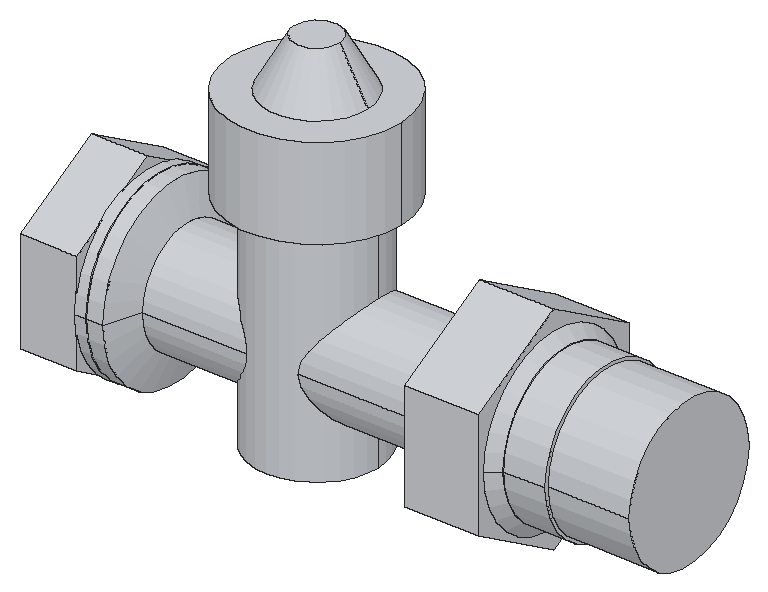
Revit family "Vario-DP_přímý_DN020_RFA_2018", category Pipe Accessories, Revit 2018
Family settings
  Round Connector Dimension = Use Diameter
  Part Type = Valve - Breaks Into
  Work Plane-Based = No
  Always vertical = Yes
  Cut with Voids When Loaded = No
  Shared = No
Parameters (values of type "Vario-DP přímý DN20")
  magiProductId = "65e4e24176f04ec8add0c08a0806a3"
  magiProductFamilyId = "9a3b6d3dc30f4d82b1fd8b50564aa5"
  magiPartTypeId = 303
  ang2D [instance] = 0.00°
  Z1 = 7 mm
  W2D = 20 mm
  VersionID = "2.0/2021.2.17.1/FRESE_RADCON_RAD_LO_SHI_S_201"
  VIS0 = no
  Use Minimum Symbol Size [instance] = no
  URL = "www.hydronix.cz"
  Type Comments = "Termostatický radiátorový ventil s integrovaným omezovačem průtoku; přímý; závitový, PN10; +0~+90°C; pracovní dp 15-70kPa; max. síla pohonu 120N; připojení hlavice: M30x1,5"
  TL__ve = -TL  # -14.5 mm
  TL = 14.5 mm
  SW_2 = no
  SW_1 = yes
  SW2_LLDONLY = and(SW2, LLDONLY)  # no
  SW2_LLDAndHLD = and(SW2, LLDAndHLD)  # no
  SW2_ENBL350 = and(SW2, ENBL350)  # no
  SW22 = no
  SW2 = no
  SW1_LLDONLY = and(SW1, LLDONLY)  # yes
  SW1_ENBL350 = and(SW1, ENBL350)  # no
  SW11 = no
  SW1 = yes
  SW = yes
  RT_1 = 16.2 mm
  RT_01 = 7.5 mm
  RT_0 = 9 mm
  RTX = 6.2 mm
  RT4 = 13.7 mm
  RT22 = 19.2 mm
  RT2 = 11 mm
  RT1 = 18.2 mm
  RT0X = 8.5 mm
  RT02 = 15.7 mm
  RT01 = 9 mm
  RT00 = 6 mm
  RT0 = 10 mm
  RT = 13.2 mm
  RR = 5 mm
  QmdConnectorList = "301;D;302;D"
  Productdata [instance] = ""
  Manufacturer = "Hydronix"
  MC Use Limits From Balancing Method = no
  MC Throttling Minimum Value = 0
  MC Throttling Maximum Value = 0
  MC Product Code = "VARIO-DP; přímý DN20; (obj.č.: 161030100); dpmin=15kPa; dpmax: 70kPa;; rozsah nastavení 20-340l/h"
  MC Pressure Drop Minimum Value = 0.0 Pa
  MC Pressure Drop Maximum Value = 0.0 Pa
  MC Enable LOD 350 = no
  MC Enable LOD 200 = no
  L_2 = 45.75 mm
  L_ = 91.5 mm
  LT = 106 mm
  LP = 9.15 mm
  LLDONLY = not(BBVIS)  # yes
  LLDAndHLD = and(or(LLDONLY, MC Enable LOD 350), not(BBVIS))  # yes
  L2D_Min = 30.48 mm
  L2D = 91.5 mm
  L22__ve = -L22  # -13 mm
  L22 = 13 mm
  L2 = 10 mm
  L1__ve = -L1  # -7.5 mm
  L1 = 7.5 mm
  L = 91.5 mm
  HS = 16.25 mm
  H = 23 mm
  ENBL350 = and(MC Enable LOD 350, not(BBVIS))  # no
  Description = "Termostatický radiátorový ventil s omezovačem max. průtoku; DN20; rozsah nastavení omezovače max. průtok: 20-340l/h"
  DT = 26.4 mm
  DS3 = 4 mm
  DS2 = 9 mm
  DS1 = 15 mm
  D = 20 mm
  CenSd_RT22_6 = RT22 * cos(30.00°)  # 16.628 mm
  CenSd_RT1_6 = RT1 * cos(30.00°)  # 15.762 mm
  CenSd_RT0X_6 = RT0X * cos(30.00°)  # 7.361 mm
  CAT0 = yes
  CAT = no
  C = 40 mm
  BZ = 48 mm
  BY = 19.2 mm
  BBVIS = MC Enable LOD 200  # no
Types (3, lengths in mm): name | magiProductId | Z1 | W2D | TL__ve | TL | RT_1 | RTX | RT4 | RT22 | RT1 | RT02 | RT | MC Product Code | L_2 | L_ | LT | LP | L2D | L | Description | DT | D | CenSd_RT22_6 | CenSd_RT1_6 | C | BY
  Vario-DP přímý DN10 | "cff3df26e6cf48da84c7a4aeae022f" | 4 | 10 | -10.1 | 10.1 | 11.35 | 1.35 | 8.85 | 14.35 | 13.35 | 12.35 | 8.35 | "VARIO-DP; přímý DN10; (obj.č.: 161010100); dpmin=15kPa; dpmax: 70kPa;; rozsah nastavení 20-340l/h" | 37.5 | 75 | 85 | 7.5 | 75 | 75 | "Termostatický radiátorový ventil s omezovačem max. průtoku; DN10; rozsah nastavení omezovače max. průtok: 20-340l/h" | 16.7 | 10 | 12.427 | 11.561 | 32 | 16
  Vario-DP přímý DN20 | "65e4e24176f04ec8add0c08a0806a3" | 7 | 20 | -14.5 | 14.5 | 16.2 | 6.2 | 13.7 | 19.2 | 18.2 | 15.7 | 13.2 | "VARIO-DP; přímý DN20; (obj.č.: 161030100); dpmin=15kPa; dpmax: 70kPa;; rozsah nastavení 20-340l/h" | 45.75 | 91.5 | 106 | 9.15 | 91.5 | 91.5 | "Termostatický radiátorový ventil s omezovačem max. průtoku; DN20; rozsah nastavení omezovače max. průtok: 20-340l/h" | 26.4 | 20 | 16.628 | 15.762 | 40 | 19.2
  Vario-DP přímý DN15 | "86c7649ae082497d8c558b15a6d69e" | 5 | 15 | -13.2 | 13.2 | 13.5 | 3.5 | 11 | 16.5 | 15.5 | 14.5 | 10.5 | "VARIO-DP; přímý DN15; (obj.č.: 161020100); dpmin=15kPa; dpmax: 70kPa;; rozsah nastavení 20-340l/h" | 40.9 | 81.8 | 95 | 8.18 | 81.8 | 81.8 | "Termostatický radiátorový ventil s omezovačem max. průtoku; DN15; rozsah nastavení omezovače max. průtok: 20-340l/h" | 21 | 15 | 14.289 | 13.423 | 36 | 16
Reference planes
  plane 1 "Center (Front/Back)": y = 0
  plane 2 "XYPLANE": z = 0
  plane 3 "Center (Left/Right)": x = 0
  plane 4 "196": z = -17
  plane 5 "195": z = -10
  plane 6 "194": x = -16.75
  plane 7 "193": x = -10.75
  plane 8 "186": x = -33.75
  plane 9 "179": y = 16.2
  plane 10 "178": y = 10
  plane 11 "177": x = -28.75
  plane 12 "176": x = -30.75
  plane 13 "175": x = -35.75
  plane 14 "173": x = 0
  plane 15 "172": x = -45.75
  plane 16 "170": z = 18
  plane 17 "152": z = 48
  plane 18 "139": z = 2
  plane 19 "129": z = 13
  plane 20 "116": z = 39.25
  plane 21 "73": y = -19.2
  plane 22 "72": y = 19.2
  plane 23 "68": z = 48
  plane 24 "54": z = 20
  plane 25 "41": z = 23
  plane 26 "36": x = 45.75
  plane 27 "34": x = 21.25
  plane 28 "33": x = 23.25
  plane 29 "24": x = 36.25
  plane 30 "23": x = 38.25
  plane 31 "9": x = 45.75
  plane 32 "8": x = 60.25
  plane 33 "7": z = -19.2
  plane 34 "3": y = 0
  plane 35 "2": x = -5.75
  plane 36 "1": z = 0
Forms (mm)
  Blend 1, solid, visible <- "LLDAndHLD"
    base sketch origin (-28.75, -750, 0) x (0, 1, 0) y (0, 0, 1)
      loop
        circle (750, 0) r 10
    top sketch origin (-28.75, -750, 0) x (0, 1, 0) y (0, 0, 1)
      loop
        circle (750, 0) r 10
    from 0 to 50
  Extrusion 2, solid, visible <- "ENBL350"
    sketch origin (-750, 0, -17) x (1, 0, 0) y (0, 1, 0)
      loop
        circle (744.25, 0) r 5
    from 0 to 7 <- "Z1"
  Revolve 3, solid, visible <- "ENBL350"
    sketch origin (-10.5, 0, 0) x (0, 0, 1) y (1, 0, 0)
      loop
        line (0, -0.25) -> (-17, -0.25)
        arc (-17, -0.25) -> (-10.164, -7.965) -> (0, -6.25) r 10.625
        line (0, -6.25) -> (0, -0.25)
      axis (-17, 4.75) -> (0, 4.75)
    angle from 0 to -360
  Blend 4, solid, visible <- "LLDAndHLD"
    base sketch origin (-35.75, -750, 0) x (0, 1, 0) y (0, 0, 1)
      loop
        circle (750, 0) r 16.2
    top sketch origin (-35.75, -750, 0) x (0, 1, 0) y (0, 0, 1)
      loop
        circle (750, 0) r 16.2
    from 0 to 2
  Blend 5, solid, visible <- "SW2_ENBL350"
    base sketch origin (-750, 0, 20) x (1, 0, 0) y (0, 1, 0)
      loop
        circle (744.25, 0) r 7.5
    top sketch origin (-750, 0, 20) x (1, 0, 0) y (0, 1, 0)
      loop
        circle (744.25, 0) r 10
    from 0 to -2
  Blend 6, solid, visible <- "SW1_ENBL350"
    base sketch origin (-750, 0, 23) x (1, 0, 0) y (0, 1, 0)
      loop
        circle (744.25, 0) r 11
    top sketch origin (-750, 0, 23) x (1, 0, 0) y (0, 1, 0)
      loop
        circle (744.25, 0) r 11
    from 0 to -23
  Revolve 7, solid, visible <- "LLDAndHLD"
    sketch origin (-25.5, 10, 0) x (1, 0, 0) y (0, 1, 0)
      loop
        line (-8.25, 0) -> (-3.25, 0) -> (-5.25, 6.2) -> (-8.25, 6.2) -> (-8.25, 0)
      axis (-3.25, -10) -> (-8.25, -10)
    angle from 0 to -360
  Blend 8, solid, visible <- "SW2_LLDONLY"
    base sketch origin (-750, 0, -17) x (1, 0, 0) y (0, 1, 0)
      loop
        circle (744.25, 0) r 10
    top sketch origin (-750, 0, -17) x (1, 0, 0) y (0, 1, 0)
      loop
        circle (744.25, 0) r 10
    from 0 to 37
  Blend 9, solid, visible <- "SW2_ENBL350"
    base sketch origin (-750, 0, 13) x (1, 0, 0) y (0, 1, 0)
      loop
        circle (744.25, 0) r 9
    top sketch origin (-750, 0, 13) x (1, 0, 0) y (0, 1, 0)
      loop
        circle (744.25, 0) r 9
    from 0 to -11
  Extrusion 10, solid, visible <- "SW2_ENBL350"
    sketch origin (-750, 0, 18) x (1, 0, 0) y (0, 1, 0)
      loop
        circle (744.25, 0) r 10
    from 0 to -5
  Extrusion 11, solid, visible <- "SW2_LLDAndHLD"
    sketch origin (-750, 0, 23) x (1, 0, 0) y (0, 1, 0)
      loop
        line (752.75, 0) -> (748.5, 7.361) -> (740, 7.361) -> (735.75, 0) -> (740, -7.361) -> (748.5, -7.361) -> (752.75, 0)
    from 0 to -3
  Blend 12, solid, visible <- "SW1_LLDONLY"
    base sketch origin (-750, 0, -17) x (1, 0, 0) y (0, 1, 0)
      loop
        circle (744.25, 0) r 11
    top sketch origin (-750, 0, -17) x (1, 0, 0) y (0, 1, 0)
      loop
        circle (744.25, 0) r 11
    from 0 to 40
  Blend 13, solid, visible <- "SW1_LLDONLY"
    base sketch origin (-750, 0, 48) x (1, 0, 0) y (0, 1, 0)
      loop
        circle (744.25, 0) r 4
    top sketch origin (-750, 0, 48) x (1, 0, 0) y (0, 1, 0)
      loop
        circle (744.25, 0) r 9
    from 0 to -8.75
  Blend 14, solid, visible <- "BBVIS"
    base sketch origin (-750, 0, 48) x (1, 0, 0) y (0, 1, 0)
      loop
        line (704.25, -19.2) -> (810.25, -19.2) -> (810.25, 19.2) -> (704.25, 19.2) -> (704.25, -19.2)
    top sketch origin (-750, 0, 48) x (1, 0, 0) y (0, 1, 0)
      loop
        line (704.25, -19.2) -> (810.25, -19.2) -> (810.25, 19.2) -> (704.25, 19.2) -> (704.25, -19.2)
    from 0 to -67.2
  Extrusion 15, solid, visible <- "SW1_LLDONLY"
    sketch origin (-750, 0, 23) x (1, 0, 0) y (0, 1, 0)
      loop
        circle (744.25, 0) r 15
    from 0 to 16.25 <- "HS"
  Extrusion 16, solid, visible <- "LLDAndHLD"
    sketch origin (60.25, -750, 0) x (0, 1, 0) y (0, 0, 1)
      loop
        circle (750, 0) r 13.2
    from 0 to -14.5 <- "TL__ve"
  Blend 17, solid, visible <- "LLDAndHLD"
    base sketch origin (23.25, -750, 0) x (0, 1, 0) y (0, 0, 1)
      loop
        circle (750, 0) r 15.7
    top sketch origin (23.25, -750, 0) x (0, 1, 0) y (0, 0, 1)
      loop
        circle (750, 0) r 10
    from 0 to -2
  Extrusion 18, solid, visible <- "LLDAndHLD"
    sketch origin (36.25, -750, 0) x (0, 1, 0) y (0, 0, 1)
      loop
        line (750, 19.2) -> (733.372, 9.6) -> (733.372, -9.6) -> (750, -19.2) -> (766.628, -9.6) -> (766.628, 9.6) -> (750, 19.2)
    from 0 to -13 <- "L22__ve"
  Blend 19, solid, visible <- "LLDAndHLD"
    base sketch origin (38.25, -750, 0) x (0, 1, 0) y (0, 0, 1)
      loop
        circle (750, 0) r 13.7
    top sketch origin (38.25, -750, 0) x (0, 1, 0) y (0, 0, 1)
      loop
        circle (750, 0) r 15.7
    from 0 to -2
  Extrusion 20, solid, visible <- "LLDAndHLD"
    sketch origin (45.75, -750, 0) x (0, 1, 0) y (0, 0, 1)
      loop
        circle (750, 0) r 13.7
    from 0 to -7.5 <- "L1__ve"
  Extrusion 21, solid, visible <- "LLDAndHLD"
    sketch origin (-45.75, -750, 0) x (0, 1, 0) y (0, 0, 1)
      loop
        line (750, -18.2) -> (765.762, -9.1) -> (765.762, 9.1) -> (750, 18.2) -> (734.238, 9.1) -> (734.238, -9.1) -> (750, -18.2)
    from 0 to 10 <- "L2"
  Extrusion 22, solid, not visible
    sketch origin (-45.75, -750, 0) x (0, 1, 0) y (0, 0, 1)
      loop
        circle (750, 0) r 10
    from 0 to 10
  Extrusion 23, solid, not visible
    sketch origin (45.75, -750, 0) x (0, 1, 0) y (0, 0, 1)
      loop
        circle (750, 0) r 10
    from 0 to -10
Lines and regions (mm)
  reference lines, not visible
    curve 1: circle (2, 2, 0) r 1 normal (0, 0, 1)
  reference lines
    curve 2: line (-16.75, 0, 0) -> (-10.75, 0, -17)
    curve 3: line (-5.75, 0, 23) -> (-7.875, 3.681, 23)
    curve 4: line (-5.75, 0, 23) -> (-10, 0, 23)
    curve 5: line (-5.75, 0, 23) -> (-7.875, -3.681, 23)
    curve 6: line (36.25, 0, 0) -> (36.25, 6.214, -3.588)
    curve 7: line (36.25, 0, 0) -> (36.25, 0, -7.175)
    curve 8: line (36.25, 0, 0) -> (36.25, -6.214, -3.588)
    curve 9: line (-45.75, 0, 0) -> (-45.75, 5.781, 3.338)
    curve 10: line (-45.75, 0, 0) -> (-45.75, 0, 6.675)
    curve 11: line (-45.75, 0, 0) -> (-45.75, -5.781, 3.338)
Dimensions and locks
  plane 1 "Center (Front/Back)" to curve 1 = 2 mm
  "Z1": plane 5 "195" to plane 4 "196"
  "RT0": plane 36 "1" to plane 5 "195"
  "RT00": plane 7 "193" to plane 6 "194"
  locked: plane 35 "2" to plane 7 "193" at 5
  locked: plane 13 "175" to plane 8 "186" at 2
  "RTX": plane 10 "178" to plane 9 "179"
  "RT0": plane 34 "3" to plane 10 "178"
  locked: plane 12 "176" to plane 11 "177" at 2
  locked: plane 8 "186" to plane 12 "176" at 3
  "L2": plane 15 "172" to plane 13 "175"
  locked: plane 3 "Center (Left/Right)" to plane 14 "173"
  "L_2": plane 14 "173" to plane 15 "172"
  locked: plane 24 "54" to plane 16 "170" at 2
  "BZ": plane 36 "1" to plane 17 "152"
  locked: plane 36 "1" to plane 18 "139" at 2
  locked: plane 16 "170" to plane 19 "129" at 5
  locked: plane 23 "68" to plane 20 "116" at 8.75
  "BY": plane 34 "3" to plane 21 "73"
  "BY": plane 34 "3" to plane 22 "72"
  locked: plane 25 "41" to plane 23 "68" at 25
  locked: plane 25 "41" to plane 24 "54" at 3
  "H": plane 36 "1" to plane 25 "41"
  "L_": plane 15 "172" to plane 26 "36"
  locked: plane 28 "33" to plane 27 "34" at 2
  "L22": plane 29 "24" to plane 28 "33"
  locked: plane 30 "23" to plane 29 "24" at 2
  "L1": plane 31 "9" to plane 30 "23"
  "TL": plane 32 "8" to plane 31 "9"
  "LT": plane 15 "172" to plane 32 "8"
  "RT22": plane 36 "1" to plane 33 "7"
  locked: plane 1 "Center (Front/Back)" to plane 34 "3"
  "C": plane 15 "172" to plane 35 "2"
  locked: plane 2 "XYPLANE" to plane 36 "1"
  "RR": curve 2 to Revolve 3 sketch curve
  Revolve 3 sketch curve to Revolve 3 sketch curve = 0 mm  (x6)
  Revolve 7 sketch curve to Revolve 7 sketch curve = 0 mm  (x8)
  "CenSd_RT0X_6": curve 3 to Extrusion 11 sketch curve  (x2)
  "CenSd_RT0X_6": curve 4 to Extrusion 11 sketch curve  (x2)
  "CenSd_RT0X_6": curve 5 to Extrusion 11 sketch curve  (x2)
  Extrusion 11 sketch curve to Extrusion 11 sketch curve = 0 mm  (x12)
  Blend 14 sketch curve to Blend 14 sketch curve = 0 mm  (x16)
  "CenSd_RT22_6": curve 6 to Extrusion 18 sketch curve  (x2)
  "CenSd_RT22_6": curve 7 to Extrusion 18 sketch curve  (x2)
  "CenSd_RT22_6": curve 8 to Extrusion 18 sketch curve  (x2)
  Extrusion 18 sketch curve to Extrusion 18 sketch curve = 0 mm  (x12)
  "CenSd_RT1_6": curve 9 to Extrusion 21 sketch curve  (x2)
  "CenSd_RT1_6": curve 10 to Extrusion 21 sketch curve  (x2)
  "CenSd_RT1_6": curve 11 to Extrusion 21 sketch curve  (x2)
  Extrusion 21 sketch curve to Extrusion 21 sketch curve = 0 mm  (x12)
  "RT0": radius of Blend 1 sketch curve  (x2)
  "RR": radius of Extrusion 2 sketch curve
  "RT_1": radius of Blend 4 sketch curve  (x2)
  "RT0": radius of Blend 5 sketch curve
  "RT_01": radius of Blend 5 sketch curve
  "RT2": radius of Blend 6 sketch curve  (x2)
  "RT0": radius of Blend 8 sketch curve  (x2)
  "RT01": radius of Blend 9 sketch curve
  "RT_0": radius of Blend 9 sketch curve
  "RT0": radius of Extrusion 10 sketch curve
  "RT2": radius of Blend 12 sketch curve  (x2)
  "DS2": radius of Blend 13 sketch curve
  "DS3": radius of Blend 13 sketch curve
  "DS1": radius of Extrusion 15 sketch curve
  "RT": radius of Extrusion 16 sketch curve
  "RT0": radius of Blend 17 sketch curve
  "RT02": radius of Blend 17 sketch curve
  "RT02": radius of Blend 19 sketch curve
  "RT4": radius of Blend 19 sketch curve
  "RT4": radius of Extrusion 20 sketch curve
  locked: curve 4 to curve 3 (angle 60.00°)
  locked: curve 5 to curve 4 (angle 60.00°)
  locked: curve 5 to curve 3 (angle 120.00°)
  locked: curve 7 to curve 6 (angle 60.00°)
  locked: curve 8 to curve 7 (angle 60.00°)
  locked: curve 8 to curve 6 (angle 120.00°)
  locked: curve 10 to curve 9 (angle 60.00°)
  locked: curve 11 to curve 10 (angle 60.00°)
  locked: curve 11 to curve 9 (angle 120.00°)
  aligned and locked: level to plane 2 "XYPLANE"
  aligned and locked: Blend 1 sketch curve to plane 34 "3"  (x2)
  aligned and locked: plane 36 "1" to Blend 1 sketch curve  (x2)
  aligned and locked: plane 27 "34" to Blend 1
  aligned and locked: plane 34 "3" to Extrusion 2 sketch curve
  aligned and locked: plane 35 "2" to Extrusion 2 sketch curve
  aligned and locked: plane 36 "1" to Revolve 3 sketch curve  (x2)
  aligned and locked: Revolve 3 sketch curve to plane 7 "193"  (x2)
  aligned and locked: Revolve 3 sketch curve to plane 6 "194"
  aligned and locked: curve 2 to plane 6 "194"
  aligned and locked: plane 36 "1" to curve 2
  aligned and locked: plane 4 "196" to curve 2
  aligned and locked: curve 2 to plane 7 "193"
  aligned and locked: plane 4 "196" to Revolve 3 sketch curve  (x2)
  aligned and locked: Revolve 3 sketch curve to plane 35 "2"
  aligned and locked: Blend 4 sketch curve to plane 34 "3"  (x2)
  aligned and locked: plane 36 "1" to Blend 4 sketch curve  (x2)
  aligned and locked: plane 8 "186" to Blend 4
  aligned and locked: plane 34 "3" to Blend 5 sketch curve  (x2)
  aligned and locked: plane 35 "2" to Blend 5 sketch curve  (x2)
  aligned and locked: Blend 5 to plane 16 "170"
  aligned and locked: plane 34 "3" to Blend 6 sketch curve  (x2)
  aligned and locked: plane 35 "2" to Blend 6 sketch curve  (x2)
  aligned and locked: Blend 6 to plane 36 "1"
  aligned and locked: plane 8 "186" to Revolve 7 sketch curve  (x3)
  aligned and locked: plane 10 "178" to Revolve 7 sketch curve  (x2)
  aligned and locked: plane 9 "179" to Revolve 7 sketch curve  (x2)
  aligned and locked: plane 12 "176" to Revolve 7 sketch curve
  aligned and locked: plane 11 "177" to Revolve 7 sketch curve  (x2)
  aligned and locked: plane 34 "3" to Blend 8 sketch curve  (x2)
  aligned and locked: plane 35 "2" to Blend 8 sketch curve  (x2)
  aligned and locked: plane 24 "54" to Blend 8
  aligned and locked: plane 34 "3" to Blend 9 sketch curve  (x2)
  aligned and locked: plane 35 "2" to Blend 9 sketch curve  (x2)
  aligned and locked: Blend 9 to plane 18 "139"
  aligned and locked: plane 34 "3" to Extrusion 10 sketch curve
  aligned and locked: plane 35 "2" to Extrusion 10 sketch curve
  aligned and locked: plane 34 "3" to curve 5
  aligned and locked: plane 35 "2" to curve 5
  aligned and locked: plane 34 "3" to Blend 12 sketch curve  (x2)
  aligned and locked: plane 35 "2" to Blend 12 sketch curve  (x2)
  aligned and locked: plane 25 "41" to Blend 12
  aligned and locked: plane 34 "3" to Blend 13 sketch curve  (x2)
  aligned and locked: plane 35 "2" to Blend 13 sketch curve  (x2)
  aligned and locked: Blend 13 to plane 20 "116"
  aligned and locked: plane 15 "172" to Blend 14 sketch curve  (x4)
  aligned and locked: plane 21 "73" to Blend 14 sketch curve  (x4)
  aligned and locked: plane 22 "72" to Blend 14 sketch curve  (x4)
  aligned and locked: plane 32 "8" to Blend 14 sketch curve  (x4)
  aligned and locked: Blend 14 to plane 33 "7"
  aligned and locked: plane 34 "3" to Extrusion 15 sketch curve
  aligned and locked: plane 35 "2" to Extrusion 15 sketch curve
  aligned and locked: Extrusion 16 sketch curve to plane 34 "3"
  aligned and locked: plane 36 "1" to Extrusion 16 sketch curve
  aligned and locked: Blend 17 sketch curve to plane 34 "3"  (x2)
  aligned and locked: plane 36 "1" to Blend 17 sketch curve  (x2)
  aligned and locked: Blend 17 to plane 27 "34"
  aligned and locked: curve 8 to plane 34 "3"
  aligned and locked: plane 36 "1" to curve 8
  aligned and locked: Blend 19 sketch curve to plane 34 "3"  (x2)
  aligned and locked: plane 36 "1" to Blend 19 sketch curve  (x2)
  aligned and locked: Blend 19 to plane 29 "24"
  aligned and locked: Extrusion 20 sketch curve to plane 34 "3"
  aligned and locked: plane 36 "1" to Extrusion 20 sketch curve
  aligned and locked: curve 11 to plane 34 "3"
  aligned and locked: plane 36 "1" to curve 11
  aligned and locked: Extrusion 22 sketch curve to plane 34 "3"
  aligned and locked: plane 36 "1" to Extrusion 22 sketch curve
  aligned and locked: Extrusion 23 sketch curve to plane 34 "3"
  aligned and locked: plane 36 "1" to Extrusion 23 sketch curve
  aligned and locked: plane 34 "3" to nested 1
  aligned and locked: plane 35 "2" to nested 1
Automatic sketch dimensions
  plane 1 "Center (Front/Back)" to Revolve 7 sketch curve = 0 mm
  Extrusion 22 sketch curve to plane 10 "178" = 0 mm
  Extrusion 23 sketch curve to plane 10 "178" = 0 mm
  plane 3 "Center (Left/Right)" to curve 1 = 2 mm
  radius of curve 1 = 1 mm
Nested families
  nested 1: "0_2" at (-5.75, 0, 23) x (0, -1, 0) z (0, 0, 1), visible <- "SW1", type "Size1"
    with VIS0 no, ModelLinesVisible no, H33 11.35 mm, H3 11.25 mm, H2 8.75 mm, H1 5 mm, H 25 mm, DX 13 mm, D3 4 mm, D2 9 mm, D1 15 mm, D 16 mm, CAT no
Connectors
  piping at (-45.75, 0, 0), diameter 20, driven by "D"
    settings: on Extrusion 22, index 1, connector inside diameter 609.6 mm, connector length 0 mm, flow factor 0, pipe flow 0.0 L/s, pressure drop 0.0 Pa, fitting loss kfactor 0, connector angle 0.00°, fixture units 0, engagement length 0 mm, angle of deflection 0.00°, flow configuration 0, flow direction 0, fitting loss method 0, system type 29, joint type 0, gender type 0, connector reference index 2, connector utility 0, adjustable connector no, is connector primary yes, connector description ""
  piping at (45.75, 0, 0), diameter 20, driven by "D"
    settings: on Extrusion 23, index 2, connector inside diameter 609.6 mm, connector length 0 mm, flow factor 0, pipe flow 0.0 L/s, pressure drop 0.0 Pa, fitting loss kfactor 0, connector angle 0.00°, fixture units 0, engagement length 0 mm, angle of deflection 0.00°, flow configuration 0, flow direction 0, fitting loss method 0, system type 29, joint type 0, gender type 0, connector reference index 1, connector utility 0, adjustable connector no, is connector primary no, connector description ""
